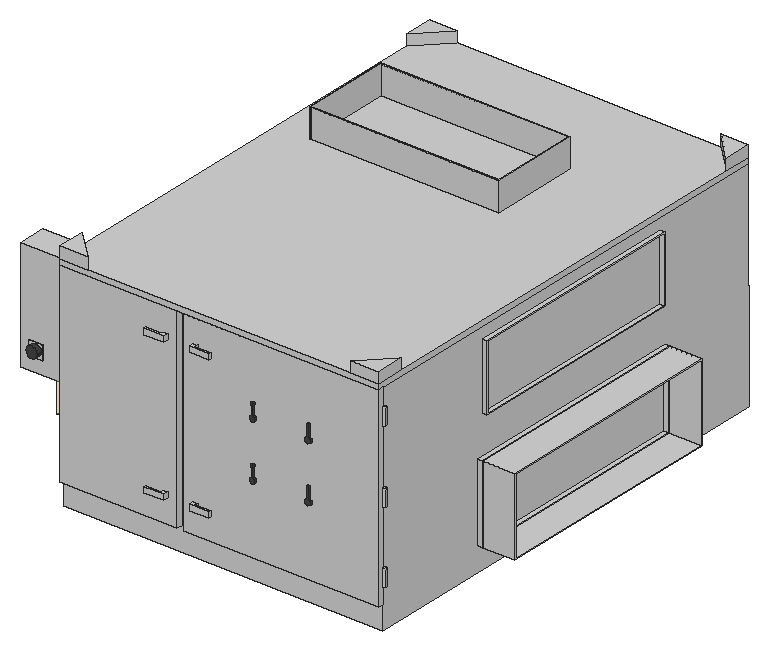
Revit family "Ventilator-RenewAire-Energy-Recovery-HE4XINH-Bypass", category Mechanical Equipment, Revit 2014
Parameters (values of type "5.0 HP 460V Three Phase")
  Voltage = "460V"
  Ventilation Type = "Static Plate, Heat and Humidity Transfer"
  Unit Width = "82-3/4\""
  Unit Weight = "723-1,014 lbs."
  Unit Length = "69-1/2\""
  Unit Height = "40-3/4\""
  Unit = Metal - RenewAire - Anodized - Gray Text
  URL = "www.renewaire.com"
  Typical Airflow Range = "1,000 - 4,400 CFM"
  Standard Features = "TEFC Premium efficiency motors, Motor starters, Non-Fused Disconnect, 24VAC Transformer/Relay Package"
  Shipping Weight = "1,150 lbs."
  Service Area Visibility = no
  Service Area Box = Interference - RenewAire - Smooth - Light - Gold
  Revit Object Download Link = ""
  Phase = "Three"
  Options = "Fused disconnect, Double wall construction, Factory supplied and mounted variable frequency drives (VFDs) – one or both airstreams, Motorized isolation dampers – FA, EA or both airstreams, Qty. 2 Factory mounted filter alarms, Bypass economizer (see bypass dimension drawing page) – dry bulb temperature controls, enthalpy controls"
  Optional Motorized Damper - FA = yes
  Optional Motorized Damper - EA = yes
  Number Motors = "Qty. 2, Belt drive blower/motor packages with adjustable sheaves"
  Model = "HE 4XINH-[Bypass]"
  Minimum Circuit Amps = "15.1 A"
  Maximum Overcurrent Protection = "20 A"
  Max. Shipping Width = "90\""
  Max. Shipping Length = "80\""
  Max. Shipping Height = "50\""
  Manufacturer = "RenewAire LLC"
  Frequency = "60 HZ"
  FLA per Motor = "6.7"
  Description = "Energy Recovery Ventilator"
  Connector Base Material = Glass - With - Transparency
  Accessories = "Filters - MERV 13, 2\" (shipped loose), Digital time clock - wall mount(TC7D-W), Digital time clock - in exterior enclosure (TC7D-E), Motion occupancy control - ceiling mount(MC-C), Motion occupancy control - wall mount(MC-W), Carbon dioxide control - wall mount (CO2-W), Carbon Dioxide control - duct mount(CO2-D), Electric duct heater – EK series (1-60 KW), EH series (61-175 KW)"
  AHRI 1060 Certified Core = "Four L125-G5"
Types (13): name | Voltage | Phase | Minimum Circuit Amps | Maximum Overcurrent Protection | FLA per Motor
  (no name) | "460V" | "Three" | "15.1 A" | "20 A" | "6.7"
  2.0 HP 120V Single Phase | "120" | "Single" | "45.0 A" | "60 A" | "20.0"
  2.0 HP 208-230V Single Phase | "208-230V" | "Single" | "24.3 A" | "35 A" | "10.8-10.0"
  2.0 HP 208-230V Three Phase | "208-230V" | "Three" | "13.6 A" | "15 A" | "6.1-5.8"
  2.0 HP 460V Three Phase | "460V" | "Three" | "6.5 A" | "15 A" | "2.9"
  2.0 HP 575V Three Phase | "575V" | "Three" | "5.4 A" | "15 A" | "2.4"
  3.0 HP 208-230V Single Phase | "208-230V" | "Single" | "33.1 A" | "40 A" | "14.7-14.0"
  3.0 HP 208-230V Three Phase | "208-230V" | "Three" | "21.1 A" | "25 A" | "9.4-8.5"
  3.0 HP 460V Three Phase | "460V" | "Three" | "9.5 A" | "15 A" | "4.2"
  3.0 HP 575V Three Phase | "575V" | "Three" | "7.4 A" | "15 A" | "3.3"
  5.0 HP 208-230V Three Phase | "208-230V" | "Three" | "32.6 A" | "45 A" | "14.5-13.4"
  5.0 HP 460V Three Phase | "460V" | "Three" | "15.1 A" | "20 A" | "6.7"
  5.0 HP 575V Three Phase | "575V" | "Three" | "11.9 A" | "20 A" | "5.3"
Reference planes (in)
  plane 1 "Center (Front/Back)": y = 0
  plane 2: z = 0
  plane 3 "Center (Left/Right)": x = 0
Forms (in)
  Extrusion 1, solid, material "Metal - RenewAire - Anodized - Gray Text" <- "Unit"
    sketch origin (0, 0, 0) x (1, 0, 0) y (0, 0, 1)
      loop
        line (-28.6875, 0) -> (28.6875, 0) -> (28.6875, 39.25) -> (-28.6875, 39.25) -> (-28.6875, 0)
    from 40.5625 to -41.5625
  Extrusion 2, solid, material "Metal - RenewAire - Anodized - Gray Text"
    sketch origin (0, 0, 0) x (1, 0, 0) y (0, 0, 1)
      loop
        line (-28.6875, 39.25) -> (28.6875, 39.25) -> (28.6875, 40.25) -> (-28.6875, 40.25) -> (-28.6875, 39.25)
    from 41.5625 to -41.5625
  Extrusion 3, solid, material "Metal - RenewAire - Anodized - Gray Text"
    sketch origin (0, 0, 0) x (1, 0, 0) y (0, 0, 1)
      loop
        line (-6.4375, 39.25) -> (-6.4375, 4.25) -> (28.6875, 4.25) -> (28.6875, 39.25) -> (-6.4375, 39.25)
      loop
        line (-28.6875, 39.25) -> (-28.6875, 4.25) -> (-7.5625, 4.25) -> (-7.5625, 39.25) -> (-28.6875, 39.25)
    from 41.5625 to 40.5625
  Extrusion 4, solid, material "Metal - RenewAire - Anodized - Gray Text"
    sketch origin (0, -10.4375, 0) x (1, 0, 0) y (0, 1, 0)
      loop
        circle (-28.9375, -30.125) r 0.25
      loop
        circle (28.9375, -30.125) r 0.25
    from 10.25 to 7.25
  Extrusion 5, solid, material "Metal - RenewAire - Anodized - Gray Text"
    sketch origin (0, -10.4375, 0) x (1, 0, 0) y (0, 1, 0)
      loop
        circle (-28.9375, -30.125) r 0.25
      loop
        circle (28.9375, -30.125) r 0.25
    from 36.25 to 33.25
  Extrusion 6, solid, material "Metal - RenewAire - Anodized - Gray Text"
    sketch origin (0, -10.4375, 0) x (1, 0, 0) y (0, 1, 0)
      loop
        circle (-28.9375, -30.125) r 0.25
      loop
        circle (28.9375, -30.125) r 0.25
    from 23.125 to 20.125
  Extrusion 7, solid, material "Metal - RenewAire - Anodized - Gray Text"
    sketch origin (0, -10.4375, 0) x (1, 0, 0) y (0, 1, 0)
      loop
        line (-4.6875, -31.125) -> (-4.6875, -32) -> (-1.1875, -32) -> (-1.1875, -31.625) -> (-3.9375, -31.625) -> (-3.9375, -31.125) -> (-4.6875, -31.125)
      loop
        line (-9.3125, -31.125) -> (-10.0625, -31.125) -> (-10.0625, -31.625) -> (-12.8125, -31.625) -> (-12.8125, -32) -> (-9.3125, -32) -> (-9.3125, -31.125)
    from 9.5 to 8.5
  Extrusion 8, solid, material "Metal - RenewAire - Anodized - Gray Text"
    sketch origin (0, -10.4375, 0) x (1, 0, 0) y (0, 1, 0)
      loop
        line (-4.6875, -31.125) -> (-4.6875, -32) -> (-1.1875, -32) -> (-1.1875, -31.625) -> (-3.9375, -31.625) -> (-3.9375, -31.125) -> (-4.6875, -31.125)
      loop
        line (-9.3125, -31.125) -> (-10.0625, -31.125) -> (-10.0625, -31.625) -> (-12.8125, -31.625) -> (-12.8125, -32) -> (-9.3125, -32) -> (-9.3125, -31.125)
    from 35 to 34
  Extrusion 9, solid, material "Metal - RenewAire - Anodized - Gray Text"
    sketch origin (0, 0, 0) x (1, 0, 0) y (0, 0, 1)
      loop
        line (-28.6875, 37.5) -> (-39, 37.5) -> (-39, 17.5) -> (-28.6875, 17.5) -> (-28.6875, 37.5)
    from 37.5625 to 32.5625
  Extrusion 10, solid, material "Metal - RenewAire - Anodized - Gray Text"
    sketch origin (0, 0, 0) x (1, 0, 0) y (0, 0, 1)
      loop
        line (-37.375, 22.5) -> (-37.375, 20) -> (-34.875, 20) -> (-34.875, 22.5) -> (-37.375, 22.5)
    from 37.6875 to 37.5625
  Extrusion 11, solid, material "MonitorPorts"
    sketch origin (0, 0, 0) x (1, 0, 0) y (0, 0, 1)
      loop
        circle (-36.125, 21.25) r 1
    from 38.5625 to 37.5625
  Extrusion 12, solid, material "Metal - RenewAire - Anodized - Gray Text" <- "Unit"
    sketch origin (0, 0, 0) x (0, 1, 0) y (0, 0, 1)
      loop
        line (22.5625, 18.5) -> (-19.4375, 18.5) -> (-19.4375, 4.5) -> (22.5625, 4.5) -> (22.5625, 18.5)
      loop
        line (22.4375, 18.375) -> (-19.3125, 18.375) -> (-19.3125, 4.625) -> (22.4375, 4.625) -> (22.4375, 18.375)
    from 29.6875 to 28.6875
  Extrusion 13, solid, material "Metal - RenewAire - Anodized - Gray Text"
    sketch origin (0, 0, 0) x (0, 1, 0) y (0, 0, 1)
      loop
        line (21.5625, 37.375) -> (-18.4375, 37.375) -> (-18.4375, 25.375) -> (21.5625, 25.375) -> (21.5625, 37.375)
      loop
        line (21.4375, 37.25) -> (-18.3125, 37.25) -> (-18.3125, 25.5) -> (21.4375, 25.5) -> (21.4375, 37.25)
    from 29.6875 to 28.6875
  Extrusion 14, solid, material "Metal - RenewAire - Anodized - Gray Text" <- "Unit"
    sketch origin (0, 0, 0) x (0, 1, 0) y (0, 0, 1)
      loop
        line (22.5625, 18.5) -> (-19.4375, 18.5) -> (-19.4375, 4.5) -> (22.5625, 4.5) -> (22.5625, 18.5)
      loop
        line (22.4375, 18.375) -> (-19.3125, 18.375) -> (-19.3125, 4.625) -> (22.4375, 4.625) -> (22.4375, 18.375)
    from 35.5625 to 29.6875
  Extrusion 15, solid, material "Metal - RenewAire - Anodized - Gray Text"
    sketch origin (0, 0, 0) x (0, 1, 0) y (0, 0, 1)
      loop
        line (-29.8125, 3.75) -> (4.1875, 3.75) -> (4.1875, 15.75) -> (-29.8125, 15.75) -> (-29.8125, 3.75)
      loop
        line (4.0625, 15.625) -> (-29.6875, 15.625) -> (-29.6875, 3.875) -> (4.0625, 3.875) -> (4.0625, 15.625)
    from -28.6875 to -32.9375
  Extrusion 16, solid, material "Metal - RenewAire - Anodized - Gray Text"
    sketch origin (0, 0, 0) x (0, 1, 0) y (0, 0, 1)
      loop
        line (4.1875, 32.625) -> (-29.8125, 32.625) -> (-29.8125, 20.625) -> (4.1875, 20.625) -> (4.1875, 32.625)
      loop
        line (4.0625, 32.5) -> (-29.6875, 32.5) -> (-29.6875, 20.75) -> (4.0625, 20.75) -> (4.0625, 32.5)
    from -28.6875 to -32.9375
  Extrusion 17, solid, material "Metal - RenewAire - Anodized - Gray Text"
    sketch origin (0, 0, 0) x (1, 0, 0) y (0, 1, 0)
      loop
        line (-22.8125, 23.3125) -> (-22.8125, 7.3125) -> (11.1875, 7.3125) -> (11.1875, 23.3125) -> (-22.8125, 23.3125)
      loop
        line (-22.6875, 23.1875) -> (-22.6875, 7.4375) -> (11.0625, 7.4375) -> (11.0625, 23.1875) -> (-22.6875, 23.1875)
    from 45.375 to 40.25
  Extrusion 18, solid, material "Interference - RenewAire - Smooth - Light - Gold" <- "Service Area Box", visible <- "Service Area Visibility"
    sketch origin (0, 0, 0) x (1, 0, 0) y (0, 0, 1)
      loop
        line (28.6875, 40.25) -> (-38.6875, 40.25) -> (-38.6875, 0) -> (28.6875, 0) -> (28.6875, 40.25)
    from 80.4375 to 41.5625
  Extrusion 19, solid, material "Interference - RenewAire - Smooth - Light - Gold", visible <- "Optional Motorized Damper - EA"
    sketch origin (0, 0, 0) x (0, 1, 0) y (0, 0, 1)
      loop
        line (3.25, 30.5) -> (-28.75, 30.5) -> (-28.75, 22.5) -> (3.25, 22.5) -> (3.25, 30.5)
    from -28.5625 to -39.4375
  Extrusion 20, solid, material "Interference - RenewAire - Smooth - Light - Gold", visible <- "Optional Motorized Damper - FA"
    sketch origin (0, 0, -16.875) x (0, 1, 0) y (0, 0, 1)
      loop
        line (3.25, 30.5) -> (-28.75, 30.5) -> (-28.75, 22.5) -> (3.25, 22.5) -> (3.25, 30.5)
    from -28.5625 to -39.4375
  Extrusion 21, solid, material "Metal - RenewAire - Anodized - Gray Text" <- "Unit"
    sketch origin (0, 0, 0) x (1, 0, 0) y (0, 1, 0)
      loop
        line (-28.6875, 41.5625) -> (-28.6875, 36.5625) -> (-23.6875, 41.5625) -> (-28.6875, 41.5625)
      loop
        line (-28.6875, -41.5625) -> (-23.6875, -41.5625) -> (-28.6875, -36.5625) -> (-28.6875, -41.5625)
      loop
        line (28.6875, -41.5625) -> (28.6875, -36.5625) -> (23.6875, -41.5625) -> (28.6875, -41.5625)
      loop
        line (28.6875, 41.5625) -> (23.6875, 41.5625) -> (28.6875, 36.5625) -> (28.6875, 41.5625)
    from 42.25 to 40.25
Dimensions and locks (in)
  Extrusion 2 to Extrusion 3 sketch curve to Extrusion 3 sketch curve = 1' - 9 1/8", 3' - 0 1/4"
  aligned and locked: level to plane 2
Nested families (in)
  nested 1: "Monitoring Port" at (16.125, -41.5625, 19.472) x (-1, 0, 0) z (0, 0, -1), type "Monitoring Port"
  nested 2: "Monitoring Port" at (6.125, -41.5625, 19.472) x (-1, 0, 0) z (0, 0, -1), type "Monitoring Port"
  nested 3: "Monitoring Port" at (16.125, -41.5625, 29.472) x (-1, 0, 0) z (0, 0, -1), type "Monitoring Port"
  nested 4: "Monitoring Port" at (6.125, -41.5625, 29.472) x (-1, 0, 0) z (0, 0, -1), type "Monitoring Port"
Connectors (in)
  hvac at (28.6875, 1.5625, 31.375)
    settings: on Extrusion 13, index 1, duct flow 0 CFM, flow factor 0, pres drop 0.00 in-wg, loss coef 0, conn angle 0.00°, conn width 40", conn height 12", conn diameter 24", duct sys type 4, conn prof type 1, flow config 0, flow direction 1, loss method 0, conn ref index -1, conn util no, is conn primary yes, conn desc "OA (Outside Air)"
  hvac at (28.6875, 1.5625, 11.5)
    settings: on Extrusion 12, index 2, duct flow 0 CFM, flow factor 0, pres drop 0.00 in-wg, loss coef 0, conn angle 0.00°, conn width 42", conn height 14", conn diameter 24", duct sys type 2, conn prof type 1, flow config 0, flow direction 1, loss method 0, conn ref index -1, conn util no, is conn primary no, conn desc "RA (Room Air)"
  hvac at (-5.8125, 15.3125, 40.25)
    settings: on Extrusion 17, index 3, duct flow 0 CFM, flow factor 0, pres drop 0.00 in-wg, loss coef 0, conn angle 0.00°, conn width 34", conn height 16", conn diameter 24", duct sys type 2, conn prof type 1, flow config 0, flow direction 1, loss method 0, conn ref index -1, conn util no, is conn primary no, conn desc "BP (Bypass)"
  hvac at (-28.6875, -12.8125, 26.625)
    settings: on Extrusion 16, index 4, duct flow 0 CFM, flow factor 0, pres drop 0.00 in-wg, loss coef 0, conn angle 0.00°, conn width 34", conn height 12", conn diameter 24", duct sys type 3, conn prof type 1, flow config 0, flow direction 2, loss method 0, conn ref index -1, conn util no, is conn primary no, conn desc "EA (Exhaust Air)"
  hvac at (-28.6875, -12.8125, 9.75)
    settings: on Extrusion 15, index 5, duct flow 0 CFM, flow factor 0, pres drop 0.00 in-wg, loss coef 0, conn angle 0.00°, conn width 34", conn height 12", conn diameter 24", duct sys type 1, conn prof type 1, flow config 0, flow direction 2, loss method 0, conn ref index -1, conn util no, is conn primary no, conn desc "FA (Fresh Air)"
Definition of nested family "Monitoring Port"
  Parameters (values of type "Monitoring Port")
    URL = "www.renewaire.com"
    Revit Object Download Link = ""
    Model = ""
    Manufacturer = "RenewAire LLC"
    Description = "Monitoring Ports"
  Reference planes (in)
    plane 1 "Center (Front/Back)": y = 0
    plane 2: z = 0
    plane 3 "Center (Left/Right)": x = 0
  Forms (in)
    Extrusion 1, solid, material "MonitorPorts"
      sketch origin (-9.43348, 0, 37.76669) x (-1, 0, 0) y (0, 0, -1)
        loop
          line (-9.53348, 35.65895) -> (-9.94097, 35.42369) -> (-9.94097, 34.83769) -> (-9.43348, 34.54469) -> (-8.92599, 34.83769) -> (-8.92599, 35.42369) -> (-9.33348, 35.65895) -> (-9.33348, 37.28756)
          arc (-9.33348, 37.28756) -> (-9.43348, 37.76669) -> (-9.53348, 37.28756) r 0.25
          line (-9.53348, 37.28756) -> (-9.53348, 35.65895)
      from 0 to 0.25
  Dimensions and locks (in)
    aligned and locked: level to plane 2
